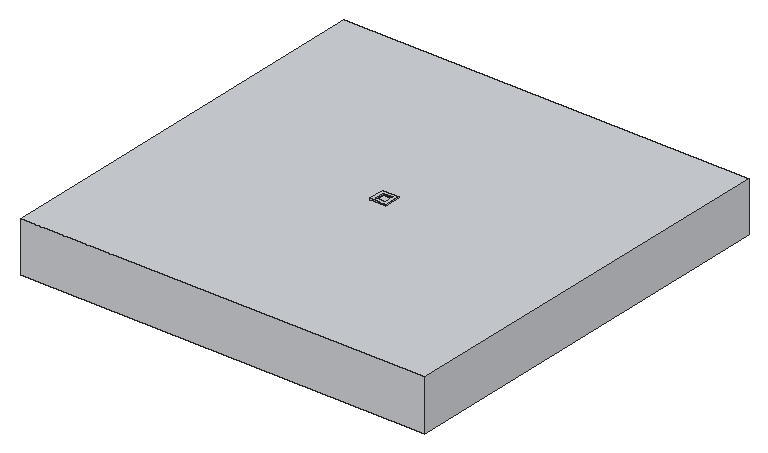
Revit family "Gira_109203", category Elektroinstallationen, Revit 2017
Family settings
  Basisbauteil = Fläche
  Beschriftungsausrichtung beibehalten = Nein
  Bemaßung runder Anschluss = Durchmesser verwenden
  Teiletyp = Normal
  Beim Laden mit Abzugskörper schneiden = Nein
  Gemeinsam genutzt = Nein
  Raumberechnungspunkt = Nein
Parameters
  With mounting grid = no
  With hinged lid = no
  URL = "https://www.gira.de/"
  Typname = "Cov.fr. 2-g horiz. in.sp. Standard 55 p.white"
  Type of fastening = "Clamp mounting"
  Transparent = no
  Surface protection = "Other"
  Surface finishing = "Glossy"
  Suitable for wall duct = no
  Suitable for flush-mounted installation = yes
  Suitable for floor box = no
  Suitable for built-in installation = no
  RAL-number (akin) = 9010
  Productwebsite = "http://katalog.gira.de/en/datenblatt.html?artikelnr=109203"
  Number of units vertical = 1
  Number of units horizontal = 2
  Number of units = 2
  Mounting direction = "Horizontal"
  Material quality = "Thermoplastic"
  Material = "Plastic"
  Label space/information surface = yes
  Hersteller = "Gira"
  Halogen free = yes
  HAN = "109203"
  GTIN = "4010337092032"
  Degree of protection (IP) = "IP20"
  Data sheet = "https://katalog.gira.de/en/download.html?artikelnr=109203"
  Colour = "White"
  Beschreibung = "Cov.fr.2g hori in.sp. Std55 PW,Gira Standard 55 cover frame with inscription space,pure white glossy,2-gang horizontal,Features:,- Shatter-proof.,- Spray-proof.,- Frames with transparent view window for inscription.,- Ideally suited for use in buildings in which the electrical installation must be identified and documented, for example in managerial centres, commercial operations, airports, companies, and hospitals.,,Notes :,- Not to be used with: seal kit IP44, surface-mounted housing with flat design, surface-mounted housing."
  Keynote = ""
  Default Elevation = 1219.2 mm
  BIM = "https://media.stage.bim.site/public/gira/ad86d9f/Espr._Rahmen_1fach.rfa"
Reference planes
  plane 1 "Center (Front/Back)": y = 0
  plane 2: z = 0
  plane 3 "Center (Left/Right)": x = 0
Forms (mm)
  Extrusion 1, solid
    sketch origin (0, 0, 0) x (1, 0, 0) y (0, 1, 0)
      loop
        line (-1219.2, 1219.2) -> (-1219.2, -1219.2) -> (1219.2, -1219.2) -> (1219.2, 1219.2) -> (-1219.2, 1219.2)
    from 0 to -304.8
  Extrusion 2, solid, detail levels fine
    sketch origin (0, 0, 0) x (1, 0, 0) y (0, 1, 0)
      loop
        line (-47.5, 47.5) -> (-47.5, -47.5) -> (47.5, -47.5) -> (47.5, 47.5) -> (-47.5, 47.5)
      loop
        arc (-28.2, -26.7) -> (-27.761, -27.761) -> (-26.7, -28.2) r 1.5
        line (-26.7, -28.2) -> (26.7, -28.2)
        arc (26.7, -28.2) -> (27.761, -27.761) -> (28.2, -26.7) r 1.5
        line (28.2, -26.7) -> (28.2, 26.7)
        arc (28.2, 26.7) -> (27.761, 27.761) -> (26.7, 28.2) r 1.5
        line (26.7, 28.2) -> (-26.7, 28.2)
        arc (-26.7, 28.2) -> (-27.761, 27.761) -> (-28.2, 26.7) r 1.5
        line (-28.2, 26.7) -> (-28.2, -26.7)
    from 0 to 6
  Extrusion 3, solid, detail levels fine
    sketch origin (0, 0, 0) x (1, 0, 0) y (0, 1, 0)
      loop
        line (-25.7, -25.7) -> (25.7, -25.7) -> (25.7, 25.7) -> (-25.7, 25.7) -> (-25.7, -25.7)
      loop
        arc (-43.1, -41.3) -> (-42.573, -42.573) -> (-41.3, -43.1) r 1.8
        line (-41.3, -43.1) -> (41.3, -43.1)
        arc (41.3, -43.1) -> (42.573, -42.573) -> (43.1, -41.3) r 1.8
        line (43.1, -41.3) -> (43.1, 41.3)
        arc (43.1, 41.3) -> (42.573, 42.573) -> (41.3, 43.1) r 1.8
        line (41.3, 43.1) -> (-41.3, 43.1)
        arc (-41.3, 43.1) -> (-42.573, 42.573) -> (-43.1, 41.3) r 1.8
        line (-43.1, 41.3) -> (-43.1, -41.3)
    from -1.9 to 0
  Extrusion 4, solid, detail levels fine
    sketch origin (0, 0, 0) x (1, 0, 0) y (0, 1, 0)
      loop
        arc (-41.4, 44.4) -> (-43.521, 43.521) -> (-44.4, 41.4) r 3
        line (-44.4, 41.4) -> (-44.4, -41.4)
        arc (-44.4, -41.4) -> (-43.521, -43.521) -> (-41.4, -44.4) r 3
        line (-41.4, -44.4) -> (41.4, -44.4)
        arc (41.4, -44.4) -> (43.521, -43.521) -> (44.4, -41.4) r 3
        line (44.4, -41.4) -> (44.4, 41.4)
        arc (44.4, 41.4) -> (43.521, 43.521) -> (41.4, 44.4) r 3
        line (41.4, 44.4) -> (-41.4, 44.4)
      loop
        line (-43.1, 41.3) -> (-43.1, -41.3)
        arc (-43.1, -41.3) -> (-42.573, -42.573) -> (-41.3, -43.1) r 1.8
        line (-41.3, -43.1) -> (41.3, -43.1)
        arc (41.3, -43.1) -> (42.573, -42.573) -> (43.1, -41.3) r 1.8
        line (43.1, -41.3) -> (43.1, 41.3)
        arc (43.1, 41.3) -> (42.573, 42.573) -> (41.3, 43.1) r 1.8
        line (41.3, 43.1) -> (-41.3, 43.1)
        arc (-41.3, 43.1) -> (-42.573, 42.573) -> (-43.1, 41.3) r 1.8
    from -3.7 to 0
  Extrusion 5, solid, detail levels medium
    sketch origin (0, 0, 0) x (1, 0, 0) y (0, 1, 0)
      loop
        line (-47.5, 47.5) -> (-47.5, -47.5) -> (47.5, -47.5) -> (47.5, 47.5) -> (-47.5, 47.5)
    from 0 to 6
  Extrusion 6, solid, detail levels medium
    sketch origin (0, 0, 0) x (1, 0, 0) y (0, 1, 0)
      loop
        line (-44.4, 44.4) -> (-44.4, -44.4) -> (44.4, -44.4) -> (44.4, 44.4) -> (-44.4, 44.4)
    from -3.7 to 0
  Extrusion 7, solid, detail levels coarse
    sketch origin (0, 0, 0) x (1, 0, 0) y (0, 1, 0)
      loop
        line (-47.5, 47.5) -> (-47.5, -47.5) -> (47.5, -47.5) -> (47.5, 47.5) -> (-47.5, 47.5)
    from -3.7 to 6
Dimensions and locks
  aligned and locked: plane 2 to Extrusion 1
  aligned and locked: level to Extrusion 1
